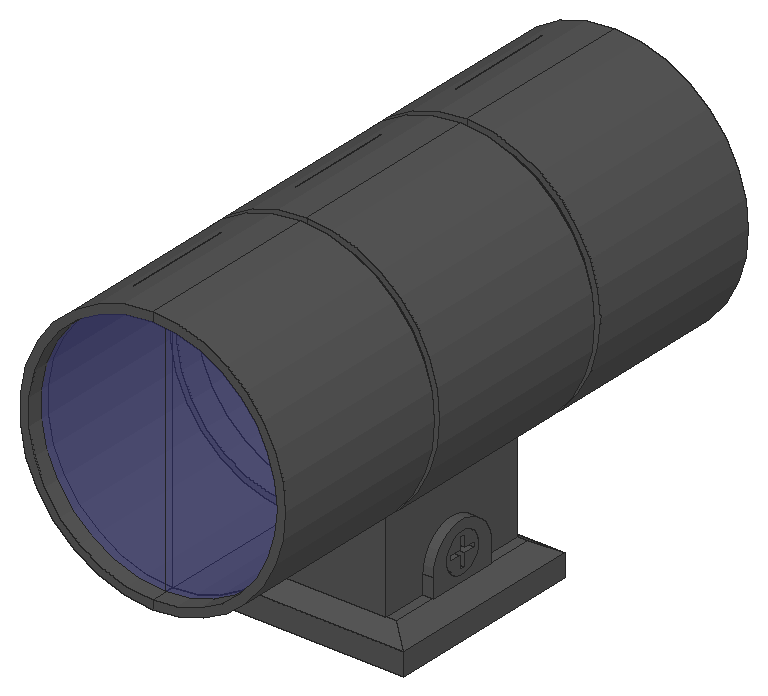
Revit family "CARLO CYLINDER LIGHT WALL MOUNT", category Lighting Fixtures, host Face, Revit 2020 (continued)
Types (10): name | Wattage_Input | Wattage Comments | Wattage | Photometric Web File | built-in parameter 1150142 | Model | built-in parameter 1150105 | Lumens | Light Length 1 | LIGHT RADIUS | LIGHT PLACEMENT | LIGHT LENGTH | LIGHT DIA | built-in parameter 1150106 | FIXED END HEIGHT | Curve base Height | Base Curve | BEAMING ANGLE | Apparent Load
    63 2.4336 2.2967 2.1538 \r\n 2.0159 1.897 1.7863 1.6767 1.5712 1.4689 1.3745 1.2964 1.2235 1.1456 \r\n 1.0695 0.99841 0.93173 0.87105 0.81565 0.76749 0.7202 0.66596 0.61116 0.55871 \r\n 0.51128 0.47536 0.44243 0.40453 0.36641 0.32923 0.29584 0.27157 0.25011 0.22566 \r\n 0.20216 0.18164 0.16412 0.15339 0.14018 0.1121 0.082351 0.060918 0.045086 0.037744 \r\n 0.032078 0.019849 0.0082265 0.002663 0.000072 0 0 0 0 0 \r\n 0 0 0 0 0 0 0 0 0.00037891 0.014648 \r\n 0.031888 0.042853 0.056046 0.07904 0.10538 0.13257 0.15631 0.16762 0.17806 0.19852 \r\n 0.22208 0.24587 0.26864 0.28442 0.3045 0.3437 0.38535 0.41287 0.44073 0.47999 \r\n 0.52432 0.57158 0.62037 0.66773 0.71617 0.76717 0.82085 0.87643 0.93804 1.0137 \r\n 1.091 1.1562 1.2215 1.2968 1.3795 1.4718 1.5693 1.6678 1.7693 1.8721 \r\n 1.983 2.1116 2.2478 2.3834 2.5209 2.6588 2.8 2.945 3.0989 3.271 \r\n 3.4488 3.6206 3.7935 3.9698 4.1523 4.3452 4.5464 4.7573 4.9722 5.1843 \r\n 5.399 5.6163 5.8462 6.1012 6.3732 6.6559 6.9565 7.2837 7.6275 7.9756 \r\n 8.3423 8.7358 9.1613 9.6006 10.132 10.813 11.69 12.845 14.238 15.847 \r\n 17.711 19.475 22.302 27.199 34.274 44.107 56.281 70.765 86.982 104.41 \r\n 122.86 142.03 161.75 181.85 202.01 221.82 241.41 261.06 279.85 297.14 \r\n 312.27 323.65 333.33 342.92 352.06 360.83 369.44 378.15 386.89 395.63 \r\n 404.45 413.48 422.52 431.34 440.17 449.15 458.27 467.51 476.96 486.7 \r\n 496.76 507.09 518.08 530.33 543.16 556.27 569.19 581.07 592.72 604.83 \r\n 616.81 628.24 639.27 649.81 660.17 670.73 681.13 691.09 700.75 710.18 \r\n 719.39 728.39 737.17 745.82 754.01 761.26 768.08 774.96 781.47 787.24 \r\n 792.54 797.47 802.19 806.94 811.64 816.32 820.82 825.03 828.85 832.1 \r\n 834.95 837.48 839.81 842.18 844.37 846.25 847.79 848.77 849.53 850.38 \r\n 849.27 \r\n2.1273 850.95 850.45 849.93 849.03 847.31 845.15 842.9 840.31 837.1 \r\n 833.71 830.71 827.41 823.31 818.45 812.41 806.04 800.16 794.49 789.19 \r\n 783.77 777.78 771.27 763.92 756.46 749.76 743.02 735.6 727.87 720.08 \r\n 712.01 703.5 694.61 685.27 675.66 666 656.12 645.93 635.42 624.52 \r\n 613.25 601.5 589.49 577.51 565.29 552.43 539.59 527.19 515.49 505.17 \r\n 495.44 485.61 476.06 467.06 458.29 449.35 440.69 432.84 425.15 417 \r\n 408.82 400.91 393.01 384.97 376.75 368.31 359.54 350.55 340.63 329.39 \r\n 316.04 299.08 280.22 260.6 240.45 220.51 200.52 180.39 160.47 141.12 \r\n 122.29 103.82 86.448 70.912 57.056 44.671 34.657 28.364 24.238 21.308 \r\n 19.168 16.984 15.069 13.46 12.15 11.181 10.44 9.8452 9.3517 8.8806 \r\n 8.4531 8.0687 7.7138 7.372 7.0508 6.7539 6.475 6.2091 5.9555 5.7098 \r\n 5.4774 5.2703 5.0647 4.8284 4.5992 4.4155 4.2419 4.0484 3.8559 3.6783 \r\n 3.507 3.3373 3.1713 3.0064 2.8513 2.7189 2.5935 2.4632 2.3296 2.1848 \r\n 2.0455 1.9314 1.8254 1.7152 1.6063 1.4976 1.3974 1.3183 1.246 1.1685 \r\n 1.0919 1.0179 0.9482 0.88813 0.83412 0.78605 0.73885 0.68575 0.63181 0.57832 \r\n 0.52986 0.49499 0.46311 0.42433 0.38506 0.34753 0.31433 0.29115 0.27081 0.24674 \r\n 0.22283 0.20026 0.1807 0.1692 0.15674 0.13256 0.10694 0.087458 0.071549 0.06113 \r\n 0.050368 0.030732 0.012228 0.0037902 0.00010653 0 0 0 0 0 \r\n 0 0 0 0 0 0 0 0 0.00020714 0.0075756 \r\n 0.017425 0.025457 0.037487 0.05979 0.08669 0.11718 0.14354 0.15229 0.15964 0.18051 \r\n 0.20522 0.22935 0.25201 0.26657 0.28586 0.32701 0.37039 0.39616 0.42203 0.46172 \r\n 0.50744 0.55698 0.60734 0.65303 0.69929 0.74985 0.80379 0.86024 0.92275 0.99839 \r\n 1.0757 1.142 1.2082 1.2829 1.3639 1.453 1.5476 1.6462 1.7473 1.8449 \r\n 1.951 2.0807 2.2194 2.3564 2.4949 2.6336 2.7754 2.9216 3.0762 3.2474 \r\n 3.424 3.5956 3.7687 3.9451 4.1277 4.3201 4.5216 4.7359 4.9534 5.1614 \r\n 5.3724 5.5925 5.827 6.0861 6.3618 6.6469 6.9497 7.2787 7.6258 7.9825 \r\n 8.3578 8.7555 9.1823 9.613 10.147 10.87 11.8 12.993 14.426 16.08 \r\n 18.001 19.805 22.754 27.957 35.492 46.067 58.897 73.508 89.668 107.02 \r\n 125.46 144.87 164.87 185.13 205.35 225.07 244.45 263.88 282.31 298.86 \r\n 313.34 324.76 334.62 344.15 353.21 362.05 370.77 379.55 388.37 397.23 \r\n 406.14 415.08 424.05 433.02 442.03 451.08 460.3 469.87 479.66 489.57 \r\n 499.66 509.74 520.48 532.77 545.69 558.73 571.53 583.35 594.89 606.8 \r\n 618.61 630.06 641.14 651.63 661.93 672.5 682.9 692.75 702.32 711.75 \r\n 720.98 730 738.79 747.38 755.49 762.69 769.44 776.24 782.63 788.22 \r\n 793.32 798.04 802.62 807.4 812.15 816.72 821.09 825.25 829.06 832.31 \r\n 835.15 837.62 839.89 842.19 844.34 846.25 847.82 848.85 849.64 850.51 \r\n 849.27 \r\n2.1273 851.01 850.48 849.97 849.09 847.43 845.3 842.91 840.17 836.91 \r\n 833.53 830.6 827.39 823.34 818.47 812.33 805.86 799.95 794.29 789.06 \r\n 783.71 777.69 771.14 763.81 756.35 749.53 742.67 735.29 727.64 719.86 \r\n 711.8 703.36 694.54 685.22 675.63 666.07 656.28 646.08 635.51 624.55 \r\n 613.25 601.61 589.72 577.72 565.45 552.55 539.71 527.43 515.81 505.31 \r\n 495.35 485.42 475.86 467.05 458.43 449.36 440.52 432.67 425 416.79 \r\n 408.51 400.5 392.49 384.33 376.03 367.59 358.85 349.82 339.93 328.94 \r\n 315.82 298.81 279.84 260.15 239.98 220.03 200.07 179.97 160.13 140.91 \r\n 122.23 103.8 86.532 71.389 57.856 45.315 35.036 28.63 24.441 21.499 \r\n 19.359 17.137 15.181 13.55 12.227 11.251 10.506 9.8948 9.3865 8.9104 \r\n 8.484 8.1092 7.7627 7.4158 7.087 6.7888 6.51 6.2433 5.9894 5.7453 \r\n 5.5149 5.3097 5.1049 4.8664 4.6341 4.4489 4.2745 4.0817 3.8898 3.7108 \r\n 3.5379 3.3678 3.2022 3.0406 2.8875 2.7499 2.6193 2.4911 2.3606 2.2142 \r\n 2.0736 1.9635 1.8615 1.7506 1.6387 1.5244 1.4188 1.3385 1.2665 1.1898 \r\n 1.1134 1.0365 0.96379 0.90412 0.85119 0.80284 0.75545 0.70342 0.65041 0.59611 \r\n 0.54681 0.51279 0.48177 0.44239 0.4022 0.36404 0.33066 0.30855 0.28937 0.26567 \r\n 0.24136 0.21676 0.19515 0.18287 0.17103 0.15026 0.12835 0.11086 0.095093 0.081782 \r\n 0.066271 0.04 0.015421 0.0046077 0.00013415 0 0 0 0 0 \r\n 0 0 0 0 0 0 0 0 0.000057 0.0013899 \r\n 0.0048262 0.010542 0.021715 0.043113 0.070146 0.10348 0.13211 0.13846 0.14295 0.16417 \r\n 0.18997 0.21465 0.23752 0.2513 0.27002 0.31251 0.35707 0.3816 0.40615 0.44634 \r\n 0.49325 0.54455 0.59611 0.64059 0.68524 0.73542 0.78944 0.8464 0.90939 0.98469 \r\n 1.0619 1.1294 1.1969 1.2708 1.3501 1.4363 1.5284 1.6273 1.7283 1.8215 \r\n 1.9237 2.054 2.1947 2.3333 2.4731 2.6119 2.7539 2.9014 3.0569 3.227 \r\n 3.4024 3.5738 3.747 3.9239 4.1069 4.2985 4.5 4.7176 4.9376 5.1421 \r\n 5.3496 5.5723 5.8111 6.0739 6.3527 6.6394 6.9433 7.2733 7.6228 7.9868 \r\n 8.3696 8.7713 9.1997 9.6233 10.161 10.922 11.902 13.133 14.605 16.302 \r\n 18.274 20.116 23.176 28.65 36.603 47.877 61.331 76.08 92.205 109.5 \r\n 127.93 147.58 167.83 188.19 208.4 227.99 247.18 266.41 284.51 300.39 \r\n 314.3 325.75 335.8 345.27 354.27 363.18 372.01 380.86 389.73 398.7 \r\n 407.68 416.54 425.44 434.55 443.74 452.83 462.13 472.01 482.12 492.18 \r\n 502.3 512.19 522.72 535.06 548.06 561.03 573.73 585.48 596.93 608.63 \r\n 620.26 631.72 642.84 653.29 663.55 674.13 684.53 694.3 703.78 713.19 \r\n 722.43 731.48 740.28 748.8 756.83 763.99 770.71 777.41 783.65 789.05 \r\n 793.95 798.52 803 807.83 812.62 817.08 821.32 825.44 829.23 832.48 \r\n 835.32 837.75 839.96 842.21 844.32 846.24 847.85 848.93 849.77 850.63 \r\n 849.27 \r\n2.1273 851.06 850.56 850.01 849.09 847.48 845.39 842.94 840.14 836.87 \r\n 833.51 830.69 827.56 823.47 818.55 812.41 805.95 800.03 794.37 789.14 \r\n 783.8 777.82 771.31 763.99 756.53 749.7 742.85 735.51 727.89 720.11 \r\n 712.07 703.68 694.92 685.66 676.13 666.64 656.91 646.73 636.18 625.24 \r\n 613.97 602.45 590.67 578.67 566.37 553.47 540.62 528.4 516.81 506.2 \r\n 496.12 486.18 476.64 467.84 459.23 450.13 441.27 433.37 425.65 417.39 \r\n 409.07 400.99 392.9 384.63 376.24 367.82 359.11 350.07 340.21 329.44 \r\n 316.57 299.76 280.92 261.22 240.98 220.98 200.96 180.76 160.85 141.73 \r\n 123.18 104.84 87.647 72.638 59.17 46.48 35.963 29.29 24.871 21.859 \r\n 19.696 17.41 15.393 13.726 12.374 11.365 10.59 9.9629 9.445 8.963 \r\n 8.5334 8.1564 7.8078 7.4569 7.1239 6.823 6.5418 6.2729 6.0172 5.7721 \r\n 5.541 5.3346 5.1291 4.8915 4.6595 4.4711 4.2932 4.0992 3.9071 3.7279 \r\n 3.555 3.3844 3.2184 3.0568 2.9032 2.7632 2.6303 2.5025 2.3727 2.2251 \r\n 2.0832 1.9737 1.8723 1.761 1.6483 1.5328 1.4261 1.3448 1.2727 1.1979 \r\n 1.1231 1.0449 0.97015 0.90985 0.85634 0.80639 0.75769 0.70608 0.65383 0.59956 \r\n 0.55007 0.51568 0.48445 0.4457 0.40588 0.36641 0.33172 0.30994 0.29144 0.26796 \r\n 0.24341 0.21747 0.19456 0.18219 0.17075 0.15046 0.12927 0.11307 0.098176 0.083977 \r\n 0.067145 0.040053 0.014982 0.0043042 0.00013018 0 0 0 0 0 \r\n 0 0 0 0 0 0 0 0 0.000057 0.0013259 \r\n 0.0048406 0.011308 0.022869 0.042798 0.068396 0.10246 0.13178 0.13643 0.13928 0.16117 \r\n 0.18822 0.21356 0.23694 0.25124 0.27017 0.31199 0.35591 0.38074 0.40588 0.44679 \r\n 0.49414 0.54471 0.59555 0.64054 0.68585 0.73606 0.78975 0.84595 0.90792 0.98166 \r\n 1.0579 1.1271 1.1964 1.27 1.3481 1.4333 1.5248 1.6247 1.727 1.8204 \r\n 1.9224 2.0523 2.1927 2.3319 2.4722 2.6096 2.7502 2.8985 3.0551 3.2248 \r\n 3.3994 3.5702 3.7431 3.9207 4.1041 4.2943 4.4944 4.7138 4.9354 5.1382 \r\n 5.3438 5.5672 5.8074 6.0707 6.3496 6.6349 6.937 7.2658 7.6143 7.9775 \r\n 8.3603 8.7631 9.1933 9.6166 10.159 10.939 11.943 13.202 14.703 16.422 \r\n 18.417 20.271 23.379 28.97 37.116 48.725 62.515 77.468 93.709 111.01 \r\n 129.42 149.15 169.44 189.65 209.65 229.06 248.08 267.19 285.16 300.75 \r\n 314.41 325.87 335.99 345.44 354.43 363.41 372.32 381.25 390.19 399.22 \r\n 408.25 417.12 426.04 435.27 444.57 453.65 462.95 472.94 483.19 493.35 \r\n 503.54 513.49 524.08 536.49 549.53 562.48 575.12 586.79 598.15 609.73 \r\n 621.25 632.66 643.78 654.25 664.52 675.1 685.48 695.19 704.62 714.03 \r\n 723.28 732.37 741.18 749.65 757.63 764.82 771.55 778.13 784.22 789.43 \r\n 794.19 798.71 803.19 808.02 812.8 817.18 821.36 825.49 829.31 832.53 \r\n 835.35 837.77 839.97 842.21 844.3 846.2 847.82 848.97 849.87 850.71 \r\n 849.27 \r\n2.1273 851.11 850.67 850.05 849.04 847.45 845.42 843.01 840.22 836.97 \r\n 833.65 830.94 827.91 823.69 818.66 812.63 806.31 800.41 794.72 789.43 \r\n 784.05 778.17 771.78 764.47 757.01 750.29 743.55 736.25 728.64 720.86 \r\n 712.82 704.46 695.76 686.6 677.17 667.7 657.98 647.88 637.42 626.56 \r\n 615.39 604 592.32 580.35 568.04 555.16 542.34 530.09 518.48 507.83 \r\n 497.76 487.9 478.41 469.44 460.67 451.68 442.94 434.96 427.13 418.85 \r\n 410.51 402.4 394.26 385.89 377.43 369.03 360.38 351.33 341.51 330.92 \r\n 318.33 301.96 283.49 263.83 243.49 223.4 203.23 182.78 162.68 143.61 \r\n 125.18 106.96 89.817 74.664 60.986 48.146 37.422 30.333 25.521 22.382 \r\n 20.172 17.799 15.705 13.987 12.59 11.519 10.691 10.048 9.5266 9.0379 \r\n 8.6007 8.2094 7.848 7.4942 7.1607 6.8554 6.5696 6.2972 6.0381 5.7893 \r\n 5.5547 5.3442 5.1363 4.9028 4.6744 4.4813 4.2973 4.1007 3.9075 3.7293 \r\n 3.5575 3.3867 3.2195 3.0547 2.8982 2.7585 2.6263 2.4973 2.3658 2.2173 \r\n 2.0742 1.9615 1.8575 1.7462 1.6349 1.5228 1.4191 1.3372 1.2644 1.1926 \r\n 1.1209 1.0428 0.96725 0.90533 0.84963 0.79679 0.7457 0.6938 0.6421 0.58872 \r\n 0.53973 0.50373 0.47114 0.43422 0.39606 0.35474 0.3177 0.29542 0.27692 0.25347 \r\n 0.22889 0.20245 0.17912 0.16734 0.15598 0.13321 0.1097 0.09402 0.080667 0.067637 \r\n 0.052993 0.030973 0.011044 0.0029544 0.000096 0 0 0 0 0 \r\n 0 0 0 0 0 0 0 0 0.00020714 0.0073882 \r\n 0.017468 0.027692 0.040863 0.058938 0.081704 0.11433 0.14263 0.14638 0.14893 0.17183 \r\n 0.20022 0.22629 0.25046 0.26659 0.28652 0.32575 0.36726 0.39392 0.42158 0.46339 \r\n 0.51037 0.55782 0.60611 0.65329 0.70146 0.75214 0.80514 0.85945 0.91903 0.99014 \r\n 1.0648 1.1359 1.2076 1.2813 1.3587 1.4447 1.5378 1.6395 1.7444 1.8425 \r\n 1.948 2.0766 2.2144 2.3533 2.493 2.6278 2.766 2.9144 3.0719 3.242 \r\n 3.4167 3.5866 3.7586 3.9371 4.121 4.309 4.507 4.7263 4.9485 5.1515 \r\n 5.357 5.5795 5.818 6.0789 6.3546 6.6359 6.9338 7.2592 7.6035 7.9586 \r\n 8.3342 8.7356 9.1681 9.5981 10.147 10.924 11.929 13.207 14.726 16.446 \r\n 18.433 20.28 23.372 28.932 37.049 48.619 62.447 77.666 94.181 111.55 \r\n 129.93 149.59 169.7 189.51 209.1 228.29 247.19 266.26 284.25 299.95 \r\n 313.7 325.14 335.2 344.67 353.7 362.74 371.72 380.72 389.73 398.78 \r\n 407.83 416.81 425.86 435.17 444.5 453.53 462.75 472.66 482.86 493.04 \r\n 503.36 513.63 524.54 537.04 550.1 563.05 575.68 587.27 598.54 610.08 \r\n 621.57 632.89 643.95 654.5 664.85 675.4 685.73 695.41 704.83 714.25 \r\n 723.53 732.66 741.5 749.93 757.88 765.16 771.94 778.4 784.32 789.38 \r\n 794.03 798.62 803.18 807.98 812.69 817.04 821.21 825.41 829.28 832.46 \r\n 835.23 837.68 839.93 842.19 844.29 846.15 847.73 848.97 849.94 850.73 \r\n 849.27 \r\n2.1273 851.15 850.78 850.07 848.98 847.41 845.44 843.07 840.33 837.1 \r\n 833.82 831.22 828.25 823.91 818.76 812.88 806.74 800.86 795.14 789.76 \r\n 784.34 778.57 772.31 765.02 757.58 751 744.39 737.12 729.51 721.73 \r\n 713.68 705.34 696.68 687.63 678.31 668.85 659.14 649.11 638.75 628 \r\n 616.94 605.67 594.1 582.16 569.86 557.02 544.21 531.93 520.26 509.61 \r\n 499.55 489.79 480.35 471.17 462.21 453.36 444.77 436.71 428.74 420.45 \r\n 412.11 403.97 395.79 387.35 378.83 370.46 361.85 352.8 343.03 332.6 \r\n 320.28 304.38 286.33 266.76 246.38 226.18 205.85 185.13 164.8 145.73 \r\n 127.39 109.27 92.166 76.78 62.811 49.827 38.92 31.406 26.188 22.916 \r\n 20.658 18.2 16.031 14.259 12.813 11.677 10.795 10.136 9.6116 9.1163 \r\n 8.6708 8.2627 7.8861 7.5296 7.1961 6.8866 6.596 6.3198 6.0572 5.8046 \r\n 5.5661 5.3507 5.1401 4.9116 4.6877 4.4898 4.2992 4.0998 3.9055 3.7282 \r\n 3.5579 3.3872 3.219 3.0503 2.8903 2.7515 2.6208 2.4901 2.3564 2.2072 \r\n 2.063 1.9463 1.8388 1.7275 1.6182 1.5104 1.4106 1.3281 1.2543 1.1854 \r\n 1.1169 1.0393 0.96334 0.89975 0.84165 0.78573 0.73206 0.67969 0.62845 0.57627 \r\n 0.52801 0.49009 0.45582 0.42086 0.38461 0.34159 0.30219 0.27895 0.26002 0.23647 \r\n 0.21197 0.18545 0.16208 0.15079 0.13921 0.11334 0.086933 0.071587 0.05985 0.048321 \r\n 0.036456 0.020527 0.0066925 0.0015187 0.000058 0 0 0 0 0 \r\n 0 0 0 0 0 0 0 0 0.00037891 0.014351 \r\n 0.031954 0.04636 0.061387 0.07793 0.097939 0.12843 0.15511 0.1584 0.16123 0.18506 \r\n 0.21462 0.24149 0.26665 0.28506 0.30634 0.34256 0.38131 0.41036 0.44115 0.48375 \r\n 0.53008 0.57416 0.61977 0.6695 0.72097 0.77224 0.82457 0.87699 0.93419 1.0027 \r\n 1.0759 1.1488 1.2227 1.2967 1.3735 1.4613 1.5566 1.6601 1.7675 1.8711 \r\n 1.9811 2.1083 2.2434 2.3815 2.5204 2.6527 2.7887 2.9377 3.0963 3.2667 \r\n 3.4412 3.6107 3.7825 3.962 4.1465 4.3327 4.5285 4.7474 4.9699 5.1739 \r\n 5.3801 5.6017 5.8384 6.0965 6.3688 6.6461 6.9399 7.2617 7.6016 7.9487 \r\n 8.3177 8.7183 9.1538 9.593 10.15 10.923 11.926 13.222 14.758 16.474 \r\n 18.451 20.293 23.368 28.878 36.93 48.387 62.188 77.687 94.507 111.97 \r\n 130.33 149.87 169.75 189.13 208.3 227.26 246.04 265.09 283.14 299.03 \r\n 312.96 324.35 334.33 343.82 352.91 361.99 371.01 380.08 389.15 398.19 \r\n 407.26 416.36 425.54 434.91 444.26 453.23 462.35 472.14 482.25 492.42 \r\n 502.85 513.51 524.81 537.41 550.45 563.42 576.03 587.56 598.76 610.29 \r\n 621.75 632.96 643.94 654.56 665 675.52 685.8 695.48 704.9 714.33 \r\n 723.62 732.78 741.65 750.06 757.99 765.36 772.2 778.54 784.29 789.2 \r\n 793.78 798.47 803.15 807.9 812.55 816.87 821.04 825.3 829.23 832.36 \r\n 835.06 837.56 839.88 842.17 844.29 846.1 847.65 848.96 850 850.73 \r\n 849.27 \r\n2.1273 851.17 850.86 850.08 848.9 847.36 845.45 843.13 840.44 837.24 \r\n 833.99 831.47 828.54 824.08 818.85 813.14 807.19 801.33 795.57 790.12 \r\n 784.64 778.97 772.84 765.59 758.2 751.76 745.29 738.03 730.41 722.61 \r\n 714.56 706.23 697.61 688.68 679.46 670 660.29 650.33 640.07 629.42 \r\n 618.46 607.32 595.86 583.96 571.69 558.89 546.1 533.76 522.04 511.38 \r\n 501.34 491.68 482.28 472.87 463.71 455 446.59 438.44 430.35 422.05 \r\n 413.72 405.55 397.34 388.84 380.28 371.94 363.38 354.34 344.61 334.34 \r\n 322.27 306.81 289.18 269.77 249.4 229.11 208.61 187.64 167.08 147.96 \r\n 129.64 111.61 94.508 78.832 64.523 51.396 40.329 32.418 26.819 23.423 \r\n 21.12 18.587 16.351 14.525 13.028 11.829 10.895 10.221 9.695 9.1935 \r\n 8.7397 8.3144 7.9221 7.5627 7.2294 6.9161 6.6211 6.3412 6.0751 5.8189 \r\n 5.5766 5.3563 5.143 4.9197 4.7007 4.4982 4.3014 4.0993 3.904 3.7275 \r\n 3.5584 3.3886 3.2198 3.0471 2.8834 2.7457 2.6166 2.4841 2.3482 2.1985 \r\n 2.0533 1.9323 1.8209 1.7096 1.6025 1.4992 1.4034 1.3202 1.2454 1.179 \r\n 1.1132 1.0364 0.96029 0.89524 0.8349 0.77599 0.71977 0.66681 0.61597 0.56516 \r\n 0.5178 0.47783 0.44171 0.40858 0.37424 0.32994 0.2885 0.26385 0.24392 0.22017 \r\n 0.19585 0.16968 0.1466
